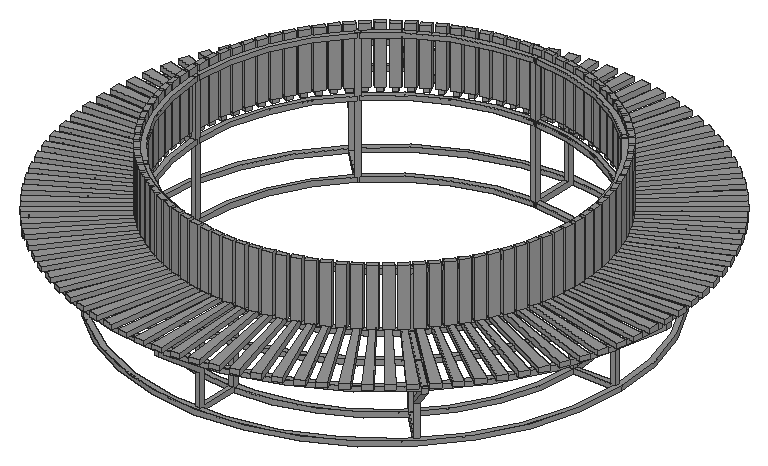
Revit family "Скамейка стальная «Диван круглый» Арт 11354", category Антураж, Revit 2018
Family settings
  На основе рабочей плоскости = Нет
  Всегда вертикально = Да
  При загрузке вырезать с полостями = Нет
  Источник визуального образа = Геометрия семейства
  Общий = Нет
  Точка расчета площади = Нет
Parameters (values of type "Версия R1000")
  Ширина = Длина  # 3050 mm
  Цвет опор = Сталь
  Цвет лавки = Дерево
  Описание = if(Версия R550, "Скамейка стальная «Диван круглый». Версия R550", if(Версия R750, "Скамейка стальная «Диван круглый». Версия R750", if(Версия R1000, "Скамейка стальная «Диван круглый». Версия R1000", "Скамейка стальная «Диван круглый». Версия «Боярд»")))  # "Скамейка стальная «Диван круглый». Версия R1000"
  Материал изделия = "Сталь, дерево"  # constant formula
  Изображение типоразмера = Скамейка стальная «Диван круглый» Арт 11354 Радиусная.jpg
  Изготовитель = "ООО «Хоббика"  # constant formula
  Длина = if(Версия R550, 2150 mm, if(Версия R750, 2550 mm, if(Версия R1000, 3050 mm, 3040 mm)))  # 3050 mm
  Группа модели = "Скамейки"  # constant formula
  Высота = 745 mm  # constant formula
  Версия «Боярд» = no
  Версия R750 = no
  Версия R550 = no
  Версия R1000 = yes
  Артикул товара = "Арт. 11354"  # constant formula
  URL = "https://hobbyka.ru/product/divan_stalnoy_kruglyy/"
Reference planes
  plane 1 "По центру (Вперед/Назад)": y = 0
  plane 2: z = 0
  plane 3 "По центру (Влево/Вправо)": x = 0
  plane 4: x = 3050
  plane 5: y = 3050
  plane 6: z = 745
Dimensions and locks
  "Длина": plane 3 "По центру (Влево/Вправо)" to plane 4
  "Ширина": plane 5 to plane 1 "По центру (Вперед/Назад)"
  "Высота": plane 6 to plane 2
  aligned and locked: level to plane 2
  aligned and locked: plane 3 "По центру (Влево/Вправо)" to nested 1
  aligned and locked: plane 1 "По центру (Вперед/Назад)" to nested 1
  aligned and locked: plane 1 "По центру (Вперед/Назад)" to nested 2
  aligned and locked: plane 3 "По центру (Влево/Вправо)" to nested 2
  aligned and locked: plane 1 "По центру (Вперед/Назад)" to nested 3
  aligned and locked: plane 3 "По центру (Влево/Вправо)" to nested 3
  aligned and locked: plane 1 "По центру (Вперед/Назад)" to nested 4
  aligned and locked: plane 3 "По центру (Влево/Вправо)" to nested 4
Nested families
  nested 1: "Скамейка стальная «Диван круглый» Арт 11354 R550" at (0, 0, 0), visible <- "Версия R550", type "Скамейка стальная «Диван круглый» Арт 11354 R550"
  nested 2: "Скамейка стальная «Диван круглый» Арт 11354 R750" at (0, 0, 0), visible <- "Версия R750", type "Скамейка стальная «Диван круглый» Арт 11354 R750"
  nested 3: "Скамейка стальная «Диван круглый» Арт 11354 R1000" at (0, 0, 0), visible <- "Версия R1000", type "Скамейка стальная «Диван круглый» Арт 11354 R1000"
  nested 4: "Скамейка стальная «Диван круглый» Арт 11354 Боярд" at (0, 0, 0), visible <- "Версия «Боярд»", type "Скамейка стальная «Диван круглый» Арт 11354 Боярд"
Definition of nested family "Скамейка стальная «Диван круглый» Арт 11354 R550"
  Parameters (values of type "Скамейка стальная «Диван круглый» Арт 11354 R550")
    Цыет лавки = none
    Цвет опор = none
    Height = 0 mm
  Reference planes
    plane 1 "По центру (Вперед/Назад)": y = 0
    plane 2: z = 0
    plane 3 "По центру (Влево/Вправо)": x = 0
    plane 4: x = 2150
    plane 5: y = 2150
    plane 6: z = 745
  Forms (mm)
    Extrusion 1, solid, material <- "Цвет опор"
      sketch origin (0, 0, 0) x (1, 0, 0) y (0, 1, 0)
        loop
          circle (1075, 1075) r 550
        loop
          circle (1075, 1075) r 575
        loop
          circle (1075, 1075) r 800
        loop
          circle (1075, 1075) r 775
      from 0 to 25
    Extrusion 2, solid, material <- "Цвет опор"
      sketch origin (0, 0, 0) x (1, 0, 0) y (0, 1, 0)
        loop
          circle (1075, 1075) r 550
        loop
          circle (1075, 1075) r 575
        loop
          circle (1075, 1075) r 800
        loop
          circle (1075, 1075) r 775
        loop
          circle (1075, 1075) r 1050
        loop
          circle (1075, 1075) r 1025
      from 390 to 415
    Extrusion 3, solid, material <- "Цвет опор"
      sketch origin (0, 0, 0) x (0, 1, 0) y (0, 0, 1)
        loop
          line (525.487, 0) -> (525.487, 415) -> (0, 415) -> (0, 390) -> (275, 195) -> (275, 0) -> (525.487, 0)
        loop
          line (275, 390) -> (43.221, 390) -> (275, 225.647) -> (275, 390)
        loop
          line (300, 25) -> (500.443, 25) -> (500.443, 390) -> (300, 390) -> (300, 25)
      from 1062.5 to 1087.5
    Extrusion 4, solid, material <- "Цвет опор"
      sketch origin (0, 2150, 0) x (0, -1, 0) y (0, 0, -1)
        loop
          line (525.487, 0) -> (275, 0) -> (275, -195) -> (0, -390) -> (0, -415) -> (525.487, -415) -> (525.487, 0)
        loop
          line (275, -390) -> (275, -225.647) -> (43.221, -390) -> (275, -390)
        loop
          line (300, -25) -> (300, -390) -> (500.443, -390) -> (500.443, -25) -> (300, -25)
      from 1062.5 to 1087.5
    Extrusion 5, solid, material <- "Цвет опор"
      sketch origin (0, 2150, 0) x (1, 0, 0) y (0, 0, 1)
        loop
          line (525.487, 0) -> (525.487, 415) -> (0, 415) -> (0, 390) -> (275, 195) -> (275, 0) -> (525.487, 0)
        loop
          line (275, 390) -> (43.221, 390) -> (275, 225.647) -> (275, 390)
        loop
          line (300, 25) -> (500.443, 25) -> (500.443, 390) -> (300, 390) -> (300, 25)
      from 1062.5 to 1087.5
    Extrusion 6, solid, material <- "Цвет опор"
      sketch origin (2150, 2150, 0) x (-1, 0, 0) y (0, 0, -1)
        loop
          line (525.487, 0) -> (275, 0) -> (275, -195) -> (0, -390) -> (0, -415) -> (525.487, -415) -> (525.487, 0)
        loop
          line (275, -390) -> (275, -225.647) -> (43.221, -390) -> (275, -390)
        loop
          line (300, -25) -> (300, -390) -> (500.443, -390) -> (500.443, -25) -> (300, -25)
      from 1062.5 to 1087.5
    Extrusion 7, solid, material <- "Цвет опор"
      sketch origin (-445.28, 1075, 0) x (0.707107, 0.707107, 0) y (0, 0, 1)
        loop
          line (525.487, 0) -> (525.487, 415) -> (0, 415) -> (0, 390) -> (275, 195) -> (275, 0) -> (525.487, 0)
        loop
          line (275, 390) -> (43.221, 390) -> (275, 225.647) -> (275, 390)
        loop
          line (300, 25) -> (500.443, 25) -> (500.443, 390) -> (300, 390) -> (300, 25)
      from 1062.5 to 1087.5
    Extrusion 8, solid, material <- "Цвет опор"
      sketch origin (1075, 2595.28, 0) x (-0.707107, -0.707107, 0) y (0, 0, -1)
        loop
          line (525.487, 0) -> (275, 0) -> (275, -195) -> (0, -390) -> (0, -415) -> (525.487, -415) -> (525.487, 0)
        loop
          line (275, -390) -> (275, -225.647) -> (43.221, -390) -> (275, -390)
        loop
          line (300, -25) -> (300, -390) -> (500.443, -390) -> (500.443, -25) -> (300, -25)
      from 1062.5 to 1087.5
    Extrusion 9, solid, material <- "Цвет опор"
      sketch origin (1075, 2595.28, 0) x (0.707107, -0.707107, 0) y (0, 0, 1)
        loop
          line (525.487, 0) -> (525.487, 415) -> (0, 415) -> (0, 390) -> (275, 195) -> (275, 0) -> (525.487, 0)
        loop
          line (275, 390) -> (43.221, 390) -> (275, 225.647) -> (275, 390)
        loop
          line (300, 25) -> (500.443, 25) -> (500.443, 390) -> (300, 390) -> (300, 25)
      from 1062.5 to 1087.5
    Extrusion 10, solid, material <- "Цвет опор"
      sketch origin (2595.28, 1075, 0) x (-0.707107, 0.707107, 0) y (0, 0, -1)
        loop
          line (525.487, 0) -> (275, 0) -> (275, -195) -> (0, -390) -> (0, -415) -> (525.487, -415) -> (525.487, 0)
        loop
          line (275, -390) -> (275, -225.647) -> (43.221, -390) -> (275, -390)
        loop
          line (300, -25) -> (300, -390) -> (500.443, -390) -> (500.443, -25) -> (300, -25)
      from 1062.5 to 1087.5
    Extrusion 11, solid, material <- "Цвет опор"
      sketch origin (0, 0, 0) x (1, 0, 0) y (0, 1, 0)
        loop
          line (1062.5, 1649.557) -> (1062.5, 1624.513) -> (1087.5, 1624.513) -> (1087.5, 1649.557) -> (1062.5, 1649.557)
        loop
          line (1087.5, 525.487) -> (1062.5, 525.487) -> (1062.5, 500.443) -> (1087.5, 500.443) -> (1087.5, 525.487)
        loop
          line (500.443, 1087.5) -> (500.443, 1062.5) -> (525.487, 1062.5) -> (525.487, 1087.5) -> (500.443, 1087.5)
        loop
          line (1649.557, 1087.5) -> (1624.513, 1087.5) -> (1624.513, 1062.5) -> (1649.557, 1062.5) -> (1649.557, 1087.5)
      from 0 to 715
    Extrusion 12, solid, material <- "Цвет опор"
      sketch origin (0, 0, 0) x (1, 0, 0) y (0, 1, 0)
        loop
          circle (1075, 1075) r 575
        loop
          circle (1075, 1075) r 550
      from 690 to 715
    Extrusion 13, solid, material <- "Цвет опор"
      sketch origin (0, 0, 0) x (1, 0, 0) y (0, 1, 0)
        loop
          circle (1075, 1075) r 575
        loop
          circle (1075, 1075) r 550
      from 450 to 475
    Extrusion 14, solid, material <- "Цыет лавки"
      sketch origin (0, 0, 0) x (1, 0, 0) y (0, 1, 0)
        loop
          line (1050, 2150) -> (1061.406, 1659.557) -> (1088.594, 1659.557) -> (1100, 2150) -> (1050, 2150)
      from 415 to 440
    Extrusion 15, solid, material <- "Цыет лавки"
      sketch origin (0, 0, 0) x (1, 0, 0) y (0, 1, 0)
        loop
          line (1050, 1674.557) -> (1050, 1649.557) -> (1100, 1649.557) -> (1100, 1674.557) -> (1050, 1674.557)
      from 440 to 745
    Extrusion 16, solid, material <- "Цыет лавки"
      sketch origin (2150, 2150, 0) x (-1, 0, 0) y (0, -1, 0)
        loop
          line (1050, 2150) -> (1061.406, 1659.557) -> (1088.594, 1659.557) -> (1100, 2150) -> (1050, 2150)
      from 415 to 440
    Extrusion 17, solid, material <- "Цыет лавки"
      sketch origin (2150, 2150, 0) x (-1, 0, 0) y (0, -1, 0)
        loop
          line (1050, 1674.557) -> (1050, 1649.557) -> (1100, 1649.557) -> (1100, 1674.557) -> (1050, 1674.557)
      from 440 to 745
    Extrusion 18, solid, material <- "Цыет лавки"
      sketch origin (97.783, -89.602, 0) x (0.996195, 0.087156, 0) y (-0.087156, 0.996195, 0)
        loop
          line (1050, 2150) -> (1061.406, 1659.557) -> (1088.594, 1659.557) -> (1100, 2150) -> (1050, 2150)
      from 415 to 440
    Extrusion 19, solid, material <- "Цыет лавки"
      sketch origin (97.783, -89.602, 0) x (0.996195, 0.087156, 0) y (-0.087156, 0.996195, 0)
        loop
          line (1050, 1674.557) -> (1050, 1649.557) -> (1100, 1649.557) -> (1100, 1674.557) -> (1050, 1674.557)
      from 440 to 745
    Extrusion 20, solid, material <- "Цыет лавки"
      sketch origin (203.003, -170.34, 0) x (0.984808, 0.173648, 0) y (-0.173648, 0.984808, 0)
        loop
          line (1050, 2150) -> (1061.406, 1659.557) -> (1088.594, 1659.557) -> (1100, 2150) -> (1050, 2150)
      from 415 to 440
    Extrusion 21, solid, material <- "Цыет лавки"
      sketch origin (203.003, -170.34, 0) x (0.984808, 0.173648, 0) y (-0.173648, 0.984808, 0)
        loop
          line (1050, 1674.557) -> (1050, 1649.557) -> (1100, 1649.557) -> (1100, 1674.557) -> (1050, 1674.557)
      from 440 to 745
    Extrusion 22, solid, material <- "Цыет лавки"
      sketch origin (314.86, -241.601, 0) x (0.965926, 0.258819, 0) y (-0.258819, 0.965926, 0)
        loop
          line (1050, 2150) -> (1061.406, 1659.557) -> (1088.594, 1659.557) -> (1100, 2150) -> (1050, 2150)
      from 415 to 440
    Extrusion 23, solid, material <- "Цыет лавки"
      sketch origin (314.86, -241.601, 0) x (0.965926, 0.258819, 0) y (-0.258819, 0.965926, 0)
        loop
          line (1050, 1674.557) -> (1050, 1649.557) -> (1100, 1649.557) -> (1100, 1674.557) -> (1050, 1674.557)
      from 440 to 745
    Extrusion 24, solid, material <- "Цыет лавки"
      sketch origin (432.502, -302.841, 0) x (0.939693, 0.34202, 0) y (-0.34202, 0.939693, 0)
        loop
          line (1050, 2150) -> (1061.406, 1659.557) -> (1088.594, 1659.557) -> (1100, 2150) -> (1050, 2150)
      from 415 to 440
    Extrusion 25, solid, material <- "Цыет лавки"
      sketch origin (432.502, -302.841, 0) x (0.939693, 0.34202, 0) y (-0.34202, 0.939693, 0)
        loop
          line (1050, 1674.557) -> (1050, 1649.557) -> (1100, 1649.557) -> (1100, 1674.557) -> (1050, 1674.557)
      from 440 to 745
    Extrusion 26, solid, material <- "Цыет лавки"
      sketch origin (555.034, -353.596, 0) x (0.906308, 0.422618, 0) y (-0.422618, 0.906308, 0)
        loop
          line (1050, 2150) -> (1061.406, 1659.557) -> (1088.594, 1659.557) -> (1100, 2150) -> (1050, 2150)
      from 415 to 440
    Extrusion 27, solid, material <- "Цыет лавки"
      sketch origin (555.034, -353.596, 0) x (0.906308, 0.422618, 0) y (-0.422618, 0.906308, 0)
        loop
          line (1050, 1674.557) -> (1050, 1649.557) -> (1100, 1649.557) -> (1100, 1674.557) -> (1050, 1674.557)
      from 440 to 745
    Extrusion 28, solid, material <- "Цыет лавки"
      sketch origin (681.523, -393.477, 0) x (0.866025, 0.5, 0) y (-0.5, 0.866025, 0)
        loop
          line (1050, 2150) -> (1061.406, 1659.557) -> (1088.594, 1659.557) -> (1100, 2150) -> (1050, 2150)
      from 415 to 440
    Extrusion 29, solid, material <- "Цыет лавки"
      sketch origin (681.523, -393.477, 0) x (0.866025, 0.5, 0) y (-0.5, 0.866025, 0)
        loop
          line (1050, 1674.557) -> (1050, 1649.557) -> (1100, 1649.557) -> (1100, 1674.557) -> (1050, 1674.557)
      from 440 to 745
    Extrusion 30, solid, material <- "Цыет лавки"
      sketch origin (811.006, -422.183, 0) x (0.819152, 0.573576, 0) y (-0.573576, 0.819152, 0)
        loop
          line (1050, 2150) -> (1061.406, 1659.557) -> (1088.594, 1659.557) -> (1100, 2150) -> (1050, 2150)
      from 415 to 440
    Extrusion 31, solid, material <- "Цыет лавки"
      sketch origin (811.006, -422.183, 0) x (0.819152, 0.573576, 0) y (-0.573576, 0.819152, 0)
        loop
          line (1050, 1674.557) -> (1050, 1649.557) -> (1100, 1649.557) -> (1100, 1674.557) -> (1050, 1674.557)
      from 440 to 745
    Extrusion 32, solid, material <- "Цыет лавки"
      sketch origin (942.499, -439.494, 0) x (0.766044, 0.642788, 0) y (-0.642788, 0.766044, 0)
        loop
          line (1050, 2150) -> (1061.406, 1659.557) -> (1088.594, 1659.557) -> (1100, 2150) -> (1050, 2150)
      from 415 to 440
    Extrusion 33, solid, material <- "Цыет лавки"
      sketch origin (942.499, -439.494, 0) x (0.766044, 0.642788, 0) y (-0.642788, 0.766044, 0)
        loop
          line (1050, 1674.557) -> (1050, 1649.557) -> (1100, 1649.557) -> (1100, 1674.557) -> (1050, 1674.557)
      from 440 to 745
    Extrusion 34, solid, material <- "Цыет лавки"
      sketch origin (1075, -445.28, 0) x (0.707107, 0.707107, 0) y (-0.707107, 0.707107, 0)
        loop
          line (1050, 2150) -> (1061.406, 1659.557) -> (1088.594, 1659.557) -> (1100, 2150) -> (1050, 2150)
      from 415 to 440
    Extrusion 35, solid, material <- "Цыет лавки"
      sketch origin (1075, -445.28, 0) x (0.707107, 0.707107, 0) y (-0.707107, 0.707107, 0)
        loop
          line (1050, 1674.557) -> (1050, 1649.557) -> (1100, 1649.557) -> (1100, 1674.557) -> (1050, 1674.557)
      from 440 to 745
    Extrusion 36, solid, material <- "Цыет лавки"
      sketch origin (1207.501, -439.494, 0) x (0.642788, 0.766044, 0) y (-0.766044, 0.642788, 0)
        loop
          line (1050, 2150) -> (1061.406, 1659.557) -> (1088.594, 1659.557) -> (1100, 2150) -> (1050, 2150)
      from 415 to 440
    Extrusion 37, solid, material <- "Цыет лавки"
      sketch origin (1207.501, -439.494, 0) x (0.642788, 0.766044, 0) y (-0.766044, 0.642788, 0)
        loop
          line (1050, 1674.557) -> (1050, 1649.557) -> (1100, 1649.557) -> (1100, 1674.557) -> (1050, 1674.557)
      from 440 to 745
    Extrusion 38, solid, material <- "Цыет лавки"
      sketch origin (1338.994, -422.183, 0) x (0.573576, 0.819152, 0) y (-0.819152, 0.573576, 0)
        loop
          line (1050, 2150) -> (1061.406, 1659.557) -> (1088.594, 1659.557) -> (1100, 2150) -> (1050, 2150)
      from 415 to 440
    Extrusion 39, solid, material <- "Цыет лавки"
      sketch origin (1338.994, -422.183, 0) x (0.573576, 0.819152, 0) y (-0.819152, 0.573576, 0)
        loop
          line (1050, 1674.557) -> (1050, 1649.557) -> (1100, 1649.557) -> (1100, 1674.557) -> (1050, 1674.557)
      from 440 to 745
    Extrusion 40, solid, material <- "Цыет лавки"
      sketch origin (1468.477, -393.477, 0) x (0.5, 0.866025, 0) y (-0.866025, 0.5, 0)
        loop
          line (1050, 2150) -> (1061.406, 1659.557) -> (1088.594, 1659.557) -> (1100, 2150) -> (1050, 2150)
      from 415 to 440
    Extrusion 41, solid, material <- "Цыет лавки"
      sketch origin (1468.477, -393.477, 0) x (0.5, 0.866025, 0) y (-0.866025, 0.5, 0)
        loop
          line (1050, 1674.557) -> (1050, 1649.557) -> (1100, 1649.557) -> (1100, 1674.557) -> (1050, 1674.557)
      from 440 to 745
    Extrusion 42, solid, material <- "Цыет лавки"
      sketch origin (1594.966, -353.596, 0) x (0.422618, 0.906308, 0) y (-0.906308, 0.422618, 0)
        loop
          line (1050, 2150) -> (1061.406, 1659.557) -> (1088.594, 1659.557) -> (1100, 2150) -> (1050, 2150)
      from 415 to 440
    Extrusion 43, solid, material <- "Цыет лавки"
      sketch origin (1594.966, -353.596, 0) x (0.422618, 0.906308, 0) y (-0.906308, 0.422618, 0)
        loop
          line (1050, 1674.557) -> (1050, 1649.557) -> (1100, 1649.557) -> (1100, 1674.557) -> (1050, 1674.557)
      from 440 to 745
    Extrusion 44, solid, material <- "Цыет лавки"
      sketch origin (1717.498, -302.841, 0) x (0.34202, 0.939693, 0) y (-0.939693, 0.34202, 0)
        loop
          line (1050, 2150) -> (1061.406, 1659.557) -> (1088.594, 1659.557) -> (1100, 2150) -> (1050, 2150)
      from 415 to 440
    Extrusion 45, solid, material <- "Цыет лавки"
      sketch origin (1717.498, -302.841, 0) x (0.34202, 0.939693, 0) y (-0.939693, 0.34202, 0)
        loop
          line (1050, 1674.557) -> (1050, 1649.557) -> (1100, 1649.557) -> (1100, 1674.557) -> (1050, 1674.557)
      from 440 to 745
    Extrusion 46, solid, material <- "Цыет лавки"
      sketch origin (1835.14, -241.601, 0) x (0.258819, 0.965926, 0) y (-0.965926, 0.258819, 0)
        loop
          line (1050, 2150) -> (1061.406, 1659.557) -> (1088.594, 1659.557) -> (1100, 2150) -> (1050, 2150)
      from 415 to 440
    Extrusion 47, solid, material <- "Цыет лавки"
      sketch origin (1835.14, -241.601, 0) x (0.258819, 0.965926, 0) y (-0.965926, 0.258819, 0)
        loop
          line (1050, 1674.557) -> (1050, 1649.557) -> (1100, 1649.557) -> (1100, 1674.557) -> (1050, 1674.557)
      from 440 to 745
    Extrusion 48, solid, material <- "Цыет лавки"
      sketch origin (1946.997, -170.34, 0) x (0.173648, 0.984808, 0) y (-0.984808, 0.173648, 0)
        loop
          line (1050, 2150) -> (1061.406, 1659.557) -> (1088.594, 1659.557) -> (1100, 2150) -> (1050, 2150)
      from 415 to 440
    Extrusion 49, solid, material <- "Цыет лавки"
      sketch origin (1946.997, -170.34, 0) x (0.173648, 0.984808, 0) y (-0.984808, 0.173648, 0)
        loop
          line (1050, 1674.557) -> (1050, 1649.557) -> (1100, 1649.557) -> (1100, 1674.557) -> (1050, 1674.557)
      from 440 to 745
    Extrusion 50, solid, material <- "Цыет лавки"
      sketch origin (2052.217, -89.602, 0) x (0.087156, 0.996195, 0) y (-0.996195, 0.087156, 0)
        loop
          line (1050, 2150) -> (1061.406, 1659.557) -> (1088.594, 1659.557) -> (1100, 2150) -> (1050, 2150)
      from 415 to 440
    Extrusion 51, solid, material <- "Цыет лавки"
      sketch origin (2052.217, -89.602, 0) x (0.087156, 0.996195, 0) y (-0.996195, 0.087156, 0)
        loop
          line (1050, 1674.557) -> (1050, 1649.557) -> (1100, 1649.557) -> (1100, 1674.557) -> (1050, 1674.557)
      from 440 to 745
    Extrusion 52, solid, material <- "Цыет лавки"
      sketch origin (2150, 0, 0) x (0, 1, 0) y (-1, 0, 0)
        loop
          line (1050, 2150) -> (1061.406, 1659.557) -> (1088.594, 1659.557) -> (1100, 2150) -> (1050, 2150)
      from 415 to 440
    Extrusion 53, solid, material <- "Цыет лавки"
      sketch origin (2150, 0, 0) x (0, 1, 0) y (-1, 0, 0)
        loop
          line (1050, 1674.557) -> (1050, 1649.557) -> (1100, 1649.557) -> (1100, 1674.557) -> (1050, 1674.557)
      from 440 to 745
    Extrusion 54, solid, material <- "Цыет лавки"
      sketch origin (2239.602, 97.783, 0) x (-0.087156, 0.996195, 0) y (-0.996195, -0.087156, 0)
        loop
          line (1050, 2150) -> (1061.406, 1659.557) -> (1088.594, 1659.557) -> (1100, 2150) -> (1050, 2150)
      from 415 to 440
    Extrusion 55, solid, material <- "Цыет лавки"
      sketch origin (2239.602, 97.783, 0) x (-0.087156, 0.996195, 0) y (-0.996195, -0.087156, 0)
        loop
          line (1050, 1674.557) -> (1050, 1649.557) -> (1100, 1649.557) -> (1100, 1674.557) -> (1050, 1674.557)
      from 440 to 745
    Extrusion 56, solid, material <- "Цыет лавки"
      sketch origin (2320.34, 203.003, 0) x (-0.173648, 0.984808, 0) y (-0.984808, -0.173648, 0)
        loop
          line (1050, 2150) -> (1061.406, 1659.557) -> (1088.594, 1659.557) -> (1100, 2150) -> (1050, 2150)
      from 415 to 440
    Extrusion 57, solid, material <- "Цыет лавки"
      sketch origin (2320.34, 203.003, 0) x (-0.173648, 0.984808, 0) y (-0.984808, -0.173648, 0)
        loop
          line (1050, 1674.557) -> (1050, 1649.557) -> (1100, 1649.557) -> (1100, 1674.557) -> (1050, 1674.557)
      from 440 to 745
    Extrusion 58, solid, material <- "Цыет лавки"
      sketch origin (2391.601, 314.86, 0) x (-0.258819, 0.965926, 0) y (-0.965926, -0.258819, 0)
        loop
          line (1050, 2150) -> (1061.406, 1659.557) -> (1088.594, 1659.557) -> (1100, 2150) -> (1050, 2150)
      from 415 to 440
    Extrusion 59, solid, material <- "Цыет лавки"
      sketch origin (2391.601, 314.86, 0) x (-0.258819, 0.965926, 0) y (-0.965926, -0.258819, 0)
        loop
          line (1050, 1674.557) -> (1050, 1649.557) -> (1100, 1649.557) -> (1100, 1674.557) -> (1050, 1674.557)
      from 440 to 745
    Extrusion 60, solid, material <- "Цыет лавки"
      sketch origin (2452.841, 432.502, 0) x (-0.34202, 0.939693, 0) y (-0.939693, -0.34202, 0)
        loop
          line (1050, 2150) -> (1061.406, 1659.557) -> (1088.594, 1659.557) -> (1100, 2150) -> (1050, 2150)
      from 415 to 440
    Extrusion 61, solid, material <- "Цыет лавки"
      sketch origin (2452.841, 432.502, 0) x (-0.34202, 0.939693, 0) y (-0.939693, -0.34202, 0)
        loop
          line (1050, 1674.557) -> (1050, 1649.557) -> (1100, 1649.557) -> (1100, 1674.557) -> (1050, 1674.557)
      from 440 to 745
    Extrusion 62, solid, material <- "Цыет лавки"
      sketch origin (2503.596, 555.034, 0) x (-0.422618, 0.906308, 0) y (-0.906308, -0.422618, 0)
        loop
          line (1050, 2150) -> (1061.406, 1659.557) -> (1088.594, 1659.557) -> (1100, 2150) -> (1050, 2150)
      from 415 to 440
    Extrusion 63, solid, material <- "Цыет лавки"
      sketch origin (2503.596, 555.034, 0) x (-0.422618, 0.906308, 0) y (-0.906308, -0.422618, 0)
        loop
          line (1050, 1674.557) -> (1050, 1649.557) -> (1100, 1649.557) -> (1100, 1674.557) -> (1050, 1674.557)
      from 440 to 745
    Extrusion 64, solid, material <- "Цыет лавки"
      sketch origin (2543.477, 681.523, 0) x (-0.5, 0.866025, 0) y (-0.866025, -0.5, 0)
        loop
          line (1050, 2150) -> (1061.406, 1659.557) -> (1088.594, 1659.557) -> (1100, 2150) -> (1050, 2150)
      from 415 to 440
    Extrusion 65, solid, material <- "Цыет лавки"
      sketch origin (2543.477, 681.523, 0) x (-0.5, 0.866025, 0) y (-0.866025, -0.5, 0)
        loop
          line (1050, 1674.557) -> (1050, 1649.557) -> (1100, 1649.557) -> (1100, 1674.557) -> (1050, 1674.557)
      from 440 to 745
    Extrusion 66, solid, material <- "Цыет лавки"
      sketch origin (2572.183, 811.006, 0) x (-0.573576, 0.819152, 0) y (-0.819152, -0.573576, 0)
        loop
          line (1050, 2150) -> (1061.406, 1659.557) -> (1088.594, 1659.557) -> (1100, 2150) -> (1050, 2150)
      from 415 to 440
    Extrusion 67, solid, material <- "Цыет лавки"
      sketch origin (2572.183, 811.006, 0) x (-0.573576, 0.819152, 0) y (-0.819152, -0.573576, 0)
        loop
          line (1050, 1674.557) -> (1050, 1649.557) -> (1100, 1649.557) -> (1100, 1674.557) -> (1050, 1674.557)
      from 440 to 745
    Extrusion 68, solid, material <- "Цыет лавки"
      sketch origin (2589.494, 942.499, 0) x (-0.642788, 0.766044, 0) y (-0.766044, -0.642788, 0)
        loop
          line (1050, 2150) -> (1061.406, 1659.557) -> (1088.594, 1659.557) -> (1100, 2150) -> (1050, 2150)
      from 415 to 440
    Extrusion 69, solid, material <- "Цыет лавки"
      sketch origin (2589.494, 942.499, 0) x (-0.642788, 0.766044, 0) y (-0.766044, -0.642788, 0)
        loop
          line (1050, 1674.557) -> (1050, 1649.557) -> (1100, 1649.557) -> (1100, 1674.557) -> (1050, 1674.557)
      from 440 to 745
    Extrusion 70, solid, material <- "Цыет лавки"
      sketch origin (2595.28, 1075, 0) x (-0.707107, 0.707107, 0) y (-0.707107, -0.707107, 0)
        loop
          line (1050, 2150) -> (1061.406, 1659.557) -> (1088.594, 1659.557) -> (1100, 2150) -> (1050, 2150)
      from 415 to 440
    Extrusion 71, solid, material <- "Цыет лавки"
      sketch origin (2595.28, 1075, 0) x (-0.707107, 0.707107, 0) y (-0.707107, -0.707107, 0)
        loop
          line (1050, 1674.557) -> (1050, 1649.557) -> (1100, 1649.557) -> (1100, 1674.557) -> (1050, 1674.557)
      from 440 to 745
    Extrusion 72, solid, material <- "Цыет лавки"
      sketch origin (2589.494, 1207.501, 0) x (-0.766044, 0.642788, 0) y (-0.642788, -0.766044, 0)
        loop
          line (1050, 2150) -> (1061.406, 1659.557) -> (1088.594, 1659.557) -> (1100, 2150) -> (1050, 2150)
      from 415 to 440
    Extrusion 73, solid, material <- "Цыет лавки"
      sketch origin (2589.494, 1207.501, 0) x (-0.766044, 0.642788, 0) y (-0.642788, -0.766044, 0)
        loop
          line (1050, 1674.557) -> (1050, 1649.557) -> (1100, 1649.557) -> (1100, 1674.557) -> (1050, 1674.557)
      from 440 to 745
    Extrusion 74, solid, material <- "Цыет лавки"
      sketch origin (2572.183, 1338.994, 0) x (-0.819152, 0.573576, 0) y (-0.573576, -0.819152, 0)
        loop
          line (1050, 2150) -> (1061.406, 1659.557) -> (1088.594, 1659.557) -> (1100, 2150) -> (1050, 2150)
      from 415 to 440
    Extrusion 75, solid, material <- "Цыет лавки"
      sketch origin (2572.183, 1338.994, 0) x (-0.819152, 0.573576, 0) y (-0.573576, -0.819152, 0)
        loop
          line (1050, 1674.557) -> (1050, 1649.557) -> (1100, 1649.557) -> (1100, 1674.557) -> (1050, 1674.557)
      from 440 to 745
    Extrusion 76, solid, material <- "Цыет лавки"
      sketch origin (2543.477, 1468.477, 0) x (-0.866025, 0.5, 0) y (-0.5, -0.866025, 0)
        loop
          line (1050, 2150) -> (1061.406, 1659.557) -> (1088.594, 1659.557) -> (1100, 2150) -> (1050, 2150)
      from 415 to 440
    Extrusion 77, solid, material <- "Цыет лавки"
      sketch origin (2543.477, 1468.477, 0) x (-0.866025, 0.5, 0) y (-0.5, -0.866025, 0)
        loop
          line (1050, 1674.557) -> (1050, 1649.557) -> (1100, 1649.557) -> (1100, 1674.557) -> (1050, 1674.557)
      from 440 to 745
    Extrusion 78, solid, material <- "Цыет лавки"
      sketch origin (2503.596, 1594.966, 0) x (-0.906308, 0.422618, 0) y (-0.422618, -0.906308, 0)
        loop
          line (1050, 2150) -> (1061.406, 1659.557) -> (1088.594, 1659.557) -> (1100, 2150) -> (1050, 2150)
      from 415 to 440
    Extrusion 79, solid, material <- "Цыет лавки"
      sketch origin (2503.596, 1594.966, 0) x (-0.906308, 0.422618, 0) y (-0.422618, -0.906308, 0)
        loop
          line (1050, 1674.557) -> (1050, 1649.557) -> (1100, 1649.557) -> (1100, 1674.557) -> (1050, 1674.557)
      from 440 to 745
    Extrusion 80, solid, material <- "Цыет лавки"
      sketch origin (2452.841, 1717.498, 0) x (-0.939693, 0.34202, 0) y (-0.34202, -0.939693, 0)
        loop
          line (1050, 2150) -> (1061.406, 1659.557) -> (1088.594, 1659.557) -> (1100, 2150) -> (1050, 2150)
      from 415 to 440
    Extrusion 81, solid, material <- "Цыет лавки"
      sketch origin (2452.841, 1717.498, 0) x (-0.939693, 0.34202, 0) y (-0.34202, -0.939693, 0)
        loop
          line (1050, 1674.557) -> (1050, 1649.557) -> (1100, 1649.557) -> (1100, 1674.557) -> (1050, 1674.557)
      from 440 to 745
    Extrusion 82, solid, material <- "Цыет лавки"
      sketch origin (2391.601, 1835.14, 0) x (-0.965926, 0.258819, 0) y (-0.258819, -0.965926, 0)
        loop
          line (1050, 2150) -> (1061.406, 1659.557) -> (1088.594, 1659.557) -> (1100, 2150) -> (1050, 2150)
      from 415 to 440
    Extrusion 83, solid, material <- "Цыет лавки"
      sketch origin (2391.601, 1835.14, 0) x (-0.965926, 0.258819, 0) y (-0.258819, -0.965926, 0)
        loop
          line (1050, 1674.557) -> (1050, 1649.557) -> (1100, 1649.557) -> (1100, 1674.557) -> (1050, 1674.557)
      from 440 to 745
    Extrusion 84, solid, material <- "Цыет лавки"
      sketch origin (2320.34, 1946.997, 0) x (-0.984808, 0.173648, 0) y (-0.173648, -0.984808, 0)
        loop
          line (1050, 2150) -> (1061.406, 1659.557) -> (1088.594, 1659.557) -> (1100, 2150) -> (1050, 2150)
      from 415 to 440
    Extrusion 85, solid, material <- "Цыет лавки"
      sketch origin (2320.34, 1946.997, 0) x (-0.984808, 0.173648, 0) y (-0.173648, -0.984808, 0)
        loop
          line (1050, 1674.557) -> (1050, 1649.557) -> (1100, 1649.557) -> (1100, 1674.557) -> (1050, 1674.557)
      from 440 to 745
    Extrusion 86, solid, material <- "Цыет лавки"
      sketch origin (2239.602, 2052.217, 0) x (-0.996195, 0.087156, 0) y (-0.087156, -0.996195, 0)
        loop
          line (1050, 2150) -> (1061.406, 1659.557) -> (1088.594, 1659.557) -> (1100, 2150) -> (1050, 2150)
      from 415 to 440
    Extrusion 87, solid, material <- "Цыет лавки"
      sketch origin (2239.602, 2052.217, 0) x (-0.996195, 0.087156, 0) y (-0.087156, -0.996195, 0)
        loop
          line (1050, 1674.557) -> (1050, 1649.557) -> (1100, 1649.557) -> (1100, 1674.557) -> (1050, 1674.557)
      from 440 to 745
    Extrusion 88, solid, material <- "Цыет лавки"
      sketch origin (2052.217, -89.602, 0) x (-0.996195, 0.087156, 0) y (-0.087156, -0.996195, 0)
        loop
          line (1050, -2150) -> (1100, -2150) -> (1088.594, -1659.557) -> (1061.406, -1659.557) -> (1050, -2150)
      from 415 to 440
    Extrusion 89, solid, material <- "Цыет лавки"
      sketch origin (2052.217, -89.602, 0) x (-0.996195, 0.087156, 0) y (-0.087156, -0.996195, 0)
        loop
          line (1050, -1674.557) -> (1100, -1674.557) -> (1100, -1649.557) -> (1050, -1649.557) -> (1050, -1674.557)
      from 440 to 745
    Extrusion 90, solid, material <- "Цыет лавки"
      sketch origin (1946.997, -170.34, 0) x (-0.984808, 0.173648, 0) y (-0.173648, -0.984808, 0)
        loop
          line (1050, -2150) -> (1100, -2150) -> (1088.594, -1659.557) -> (1061.406, -1659.557) -> (1050, -2150)
      from 415 to 440
    Extrusion 91, solid, material <- "Цыет лавки"
      sketch origin (1946.997, -170.34, 0) x (-0.984808, 0.173648, 0) y (-0.173648, -0.984808, 0)
        loop
          line (1050, -1674.557) -> (1100, -1674.557) -> (1100, -1649.557) -> (1050, -1649.557) -> (1050, -1674.557)
      from 440 to 745
    Extrusion 92, solid, material <- "Цыет лавки"
      sketch origin (1835.14, -241.601, 0) x (-0.965926, 0.258819, 0) y (-0.258819, -0.965926, 0)
        loop
          line (1050, -2150) -> (1100, -2150) -> (1088.594, -1659.557) -> (1061.406, -1659.557) -> (1050, -2150)
      from 415 to 440
    Extrusion 93, solid, material <- "Цыет лавки"
      sketch origin (1835.14, -241.601, 0) x (-0.965926, 0.258819, 0) y (-0.258819, -0.965926, 0)
        loop
          line (1050, -1674.557) -> (1100, -1674.557) -> (1100, -1649.557) -> (1050, -1649.557) -> (1050, -1674.557)
      from 440 to 745
    Extrusion 94, solid, material <- "Цыет лавки"
      sketch origin (1717.498, -302.841, 0) x (-0.939693, 0.34202, 0) y (-0.34202, -0.939693, 0)
        loop
          line (1050, -2150) -> (1100, -2150) -> (1088.594, -1659.557) -> (1061.406, -1659.557) -> (1050, -2150)
      from 415 to 440
    Extrusion 95, solid, material <- "Цыет лавки"
      sketch origin (1717.498, -302.841, 0) x (-0.939693, 0.34202, 0) y (-0.34202, -0.939693, 0)
        loop
          line (1050, -1674.557) -> (1100, -1674.557) -> (1100, -1649.557) -> (1050, -1649.557) -> (1050, -1674.557)
      from 440 to 745
    Extrusion 96, solid, material <- "Цыет лавки"
      sketch origin (1594.966, -353.596, 0) x (-0.906308, 0.422618, 0) y (-0.422618, -0.906308, 0)
        loop
          line (1050, -2150) -> (1100, -2150) -> (1088.594, -1659.557) -> (1061.406, -1659.557) -> (1050, -2150)
      from 415 to 440
    Extrusion 97, solid, material <- "Цыет лавки"
      sketch origin (1594.966, -353.596, 0) x (-0.906308, 0.422618, 0) y (-0.422618, -0.906308, 0)
        loop
          line (1050, -1674.557) -> (1100, -1674.557) -> (1100, -1649.557) -> (1050, -1649.557) -> (1050, -1674.557)
      from 440 to 745
    Extrusion 98, solid, material <- "Цыет лавки"
      sketch origin (1468.477, -393.477, 0) x (-0.866025, 0.5, 0) y (-0.5, -0.866025, 0)
        loop
          line (1050, -2150) -> (1100, -2150) -> (1088.594, -1659.557) -> (1061.406, -1659.557) -> (1050, -2150)
      from 415 to 440
    Extrusion 99, solid, material <- "Цыет лавки"
      sketch origin (1468.477, -393.477, 0) x (-0.866025, 0.5, 0) y (-0.5, -0.866025, 0)
        loop
          line (1050, -1674.557) -> (1100, -1674.557) -> (1100, -1649.557) -> (1050, -1649.557) -> (1050, -1674.557)
      from 440 to 745
    Extrusion 100, solid, material <- "Цыет лавки"
      sketch origin (1338.994, -422.183, 0) x (-0.819152, 0.573576, 0) y (-0.573576, -0.819152, 0)
        loop
          line (1050, -2150) -> (1100, -2150) -> (1088.594, -1659.557) -> (1061.406, -1659.557) -> (1050, -2150)
      from 415 to 440
    Extrusion 101, solid, material <- "Цыет лавки"
      sketch origin (1338.994, -422.183, 0) x (-0.819152, 0.573576, 0) y (-0.573576, -0.819152, 0)
        loop
          line (1050, -1674.557) -> (1100, -1674.557) -> (1100, -1649.557) -> (1050, -1649.557) -> (1050, -1674.557)
      from 440 to 745
    Extrusion 102, solid, material <- "Цыет лавки"
      sketch origin (1207.501, -439.494, 0) x (-0.766044, 0.642788, 0) y (-0.642788, -0.766044, 0)
        loop
          line (1050, -2150) -> (1100, -2150) -> (1088.594, -1659.557) -> (1061.406, -1659.557) -> (1050, -2150)
      from 415 to 440
    Extrusion 103, solid, material <- "Цыет лавки"
      sketch origin (1207.501, -439.494, 0) x (-0.766044, 0.642788, 0) y (-0.642788, -0.766044, 0)
        loop
          line (1050, -1674.557) -> (1100, -1674.557) -> (1100, -1649.557) -> (1050, -1649.557) -> (1050, -1674.557)
      from 440 to 745
    Extrusion 104, solid, material <- "Цыет лавки"
      sketch origin (1075, -445.28, 0) x (-0.707107, 0.707107, 0) y (-0.707107, -0.707107, 0)
        loop
          line (1050, -2150) -> (1100, -2150) -> (1088.594, -1659.557) -> (1061.406, -1659.557) -> (1050, -2150)
      from 415 to 440
    Extrusion 105, solid, material <- "Цыет лавки"
      sketch origin (1075, -445.28, 0) x (-0.707107, 0.707107, 0) y (-0.707107, -0.707107, 0)
        loop
          line (1050, -1674.557) -> (1100, -1674.557) -> (1100, -1649.557) -> (1050, -1649.557) -> (1050, -1674.557)
      from 440 to 745
    Extrusion 106, solid, material <- "Цыет лавки"
      sketch origin (942.499, -439.494, 0) x (-0.642788, 0.766044, 0) y (-0.766044, -0.642788, 0)
        loop
          line (1050, -2150) -> (1100, -2150) -> (1088.594, -1659.557) -> (1061.406, -1659.557) -> (1050, -2150)
      from 415 to 440
    Extrusion 107, solid, material <- "Цыет лавки"
      sketch origin (942.499, -439.494, 0) x (-0.642788, 0.766044, 0) y (-0.766044, -0.642788, 0)
        loop
          line (1050, -1674.557) -> (1100, -1674.557) -> (1100, -1649.557) -> (1050, -1649.557) -> (1050, -1674.557)
      from 440 to 745
    Extrusion 108, solid, material <- "Цыет лавки"
      sketch origin (811.006, -422.183, 0) x (-0.573576, 0.819152, 0) y (-0.819152, -0.573576, 0)
        loop
          line (1050, -2150) -> (1100, -2150) -> (1088.594, -1659.557) -> (1061.406, -1659.557) -> (1050, -2150)
      from 415 to 440
    Extrusion 109, solid, material <- "Цыет лавки"
      sketch origin (811.006, -422.183, 0) x (-0.573576, 0.819152, 0) y (-0.819152, -0.573576, 0)
        loop
          line (1050, -1674.557) -> (1100, -1674.557) -> (1100, -1649.557) -> (1050, -1649.557) -> (1050, -1674.557)
      from 440 to 745
    Extrusion 110, solid, material <- "Цыет лавки"
      sketch origin (681.523, -393.477, 0) x (-0.5, 0.866025, 0) y (-0.866025, -0.5, 0)
        loop
          line (1050, -2150) -> (1100, -2150) -> (1088.594, -1659.557) -> (1061.406, -1659.557) -> (1050, -2150)
      from 415 to 440
    Extrusion 111, solid, material <- "Цыет лавки"
      sketch origin (681.523, -393.477, 0) x (-0.5, 0.866025, 0) y (-0.866025, -0.5, 0)
        loop
          line (1050, -1674.557) -> (1100, -1674.557) -> (1100, -1649.557) -> (1050, -1649.557) -> (1050, -1674.557)
      from 440 to 745
    Extrusion 112, solid, material <- "Цыет лавки"
      sketch origin (555.034, -353.596, 0) x (-0.422618, 0.906308, 0) y (-0.906308, -0.422618, 0)
        loop
          line (1050, -2150) -> (1100, -2150) -> (1088.594, -1659.557) -> (1061.406, -1659.557) -> (1050, -2150)
      from 415 to 440
    Extrusion 113, solid, material <- "Цыет лавки"
      sketch origin (555.034, -353.596, 0) x (-0.422618, 0.906308, 0) y (-0.906308, -0.422618, 0)
        loop
          line (1050, -1674.557) -> (1100, -1674.557) -> (1100, -1649.557) -> (1050, -1649.557) -> (1050, -1674.557)
      from 440 to 745
    Extrusion 114, solid, material <- "Цыет лавки"
      sketch origin (432.502, -302.841, 0) x (-0.34202, 0.939693, 0) y (-0.939693, -0.34202, 0)
        loop
          line (1050, -2150) -> (1100, -2150) -> (1088.594, -1659.557) -> (1061.406, -1659.557) -> (1050, -2150)
      from 415 to 440
    Extrusion 115, solid, material <- "Цыет лавки"
      sketch origin (432.502, -302.841, 0) x (-0.34202, 0.939693, 0) y (-0.939693, -0.34202, 0)
        loop
          line (1050, -1674.557) -> (1100, -1674.557) -> (1100, -1649.557) -> (1050, -1649.557) -> (1050, -1674.557)
      from 440 to 745
    Extrusion 116, solid, material <- "Цыет лавки"
      sketch origin (314.86, -241.601, 0) x (-0.258819, 0.965926, 0) y (-0.965926, -0.258819, 0)
        loop
          line (1050, -2150) -> (1100, -2150) -> (1088.594, -1659.557) -> (1061.406, -1659.557) -> (1050, -2150)
      from 415 to 440
    Extrusion 117, solid, material <- "Цыет лавки"
      sketch origin (314.86, -241.601, 0) x (-0.258819, 0.965926, 0) y (-0.965926, -0.258819, 0)
        loop
          line (1050, -1674.557) -> (1100, -1674.557) -> (1100, -1649.557) -> (1050, -1649.557) -> (1050, -1674.557)
      from 440 to 745
    Extrusion 118, solid, material <- "Цыет лавки"
      sketch origin (203.003, -170.34, 0) x (-0.173648, 0.984808, 0) y (-0.984808, -0.173648, 0)
        loop
          line (1050, -2150) -> (1100, -2150) -> (1088.594, -1659.557) -> (1061.406, -1659.557) -> (1050, -2150)
      from 415 to 440
    Extrusion 119, solid, material <- "Цыет лавки"
      sketch origin (203.003, -170.34, 0) x (-0.173648, 0.984808, 0) y (-0.984808, -0.173648, 0)
        loop
          line (1050, -1674.557) -> (1100, -1674.557) -> (1100, -1649.557) -> (1050, -1649.557) -> (1050, -1674.557)
      from 440 to 745
    Extrusion 120, solid, material <- "Цыет лавки"
      sketch origin (97.783, -89.602, 0) x (-0.087156, 0.996195, 0) y (-0.996195, -0.087156, 0)
        loop
          line (1050, -2150) -> (1100, -2150) -> (1088.594, -1659.557) -> (1061.406, -1659.557) -> (1050, -2150)
      from 415 to 440
    Extrusion 121, solid, material <- "Цыет лавки"
      sketch origin (97.783, -89.602, 0) x (-0.087156, 0.996195, 0) y (-0.996195, -0.087156, 0)
        loop
          line (1050, -1674.557) -> (1100, -1674.557) -> (1100, -1649.557) -> (1050, -1649.557) -> (1050, -1674.557)
      from 440 to 745
    Extrusion 122, solid, material <- "Цыет лавки"
      sketch origin (0, 0, 0) x (0, 1, 0) y (-1, 0, 0)
        loop
          line (1050, -2150) -> (1100, -2150) -> (1088.594, -1659.557) -> (1061.406, -1659.557) -> (1050, -2150)
      from 415 to 440
    Extrusion 123, solid, material <- "Цыет лавки"
      sketch origin (0, 0, 0) x (0, 1, 0) y (-1, 0, 0)
        loop
          line (1050, -1674.557) -> (1100, -1674.557) -> (1100, -1649.557) -> (1050, -1649.557) -> (1050, -1674.557)
      from 440 to 745
    Extrusion 124, solid, material <- "Цыет лавки"
      sketch origin (-89.602, 97.783, 0) x (0.087156, 0.996195, 0) y (-0.996195, 0.087156, 0)
        loop
          line (1050, -2150) -> (1100, -2150) -> (1088.594, -1659.557) -> (1061.406, -1659.557) -> (1050, -2150)
      from 415 to 440
    Extrusion 125, solid, material <- "Цыет лавки"
      sketch origin (-89.602, 97.783, 0) x (0.087156, 0.996195, 0) y (-0.996195, 0.087156, 0)
        loop
          line (1050, -1674.557) -> (1100, -1674.557) -> (1100, -1649.557) -> (1050, -1649.557) -> (1050, -1674.557)
      from 440 to 745
    Extrusion 126, solid, material <- "Цыет лавки"
      sketch origin (-170.34, 203.003, 0) x (0.173648, 0.984808, 0) y (-0.984808, 0.173648, 0)
        loop
          line (1050, -2150) -> (1100, -2150) -> (1088.594, -1659.557) -> (1061.406, -1659.557) -> (1050, -2150)
      from 415 to 440
    Extrusion 127, solid, material <- "Цыет лавки"
      sketch origin (-170.34, 203.003, 0) x (0.173648, 0.984808, 0) y (-0.984808, 0.173648, 0)
        loop
          line (1050, -1674.557) -> (1100, -1674.557) -> (1100, -1649.557) -> (1050, -1649.557) -> (1050, -1674.557)
      from 440 to 745
    Extrusion 128, solid, material <- "Цыет лавки"
      sketch origin (-241.601, 314.86, 0) x (0.258819, 0.965926, 0) y (-0.965926, 0.258819, 0)
        loop
          line (1050, -2150) -> (1100, -2150) -> (1088.594, -1659.557) -> (1061.406, -1659.557) -> (1050, -2150)
      from 415 to 440
    Extrusion 129, solid, material <- "Цыет лавки"
      sketch origin (-241.601, 314.86, 0) x (0.258819, 0.965926, 0) y (-0.965926, 0.258819, 0)
        loop
          line (1050, -1674.557) -> (1100, -1674.557) -> (1100, -1649.557) -> (1050, -1649.557) -> (1050, -1674.557)
      from 440 to 745
    Extrusion 130, solid, material <- "Цыет лавки"
      sketch origin (-302.841, 432.502, 0) x (0.34202, 0.939693, 0) y (-0.939693, 0.34202, 0)
        loop
          line (1050, -2150) -> (1100, -2150) -> (1088.594, -1659.557) -> (1061.406, -1659.557) -> (1050, -2150)
      from 415 to 440
    Extrusion 131, solid, material <- "Цыет лавки"
      sketch origin (-302.841, 432.502, 0) x (0.34202, 0.939693, 0) y (-0.939693, 0.34202, 0)
        loop
          line (1050, -1674.557) -> (1100, -1674.557) -> (1100, -1649.557) -> (1050, -1649.557) -> (1050, -1674.557)
      from 440 to 745
    Extrusion 132, solid, material <- "Цыет лавки"
      sketch origin (-353.596, 555.034, 0) x (0.422618, 0.906308, 0) y (-0.906308, 0.422618, 0)
        loop
          line (1050, -2150) -> (1100, -2150) -> (1088.594, -1659.557) -> (1061.406, -1659.557) -> (1050, -2150)
      from 415 to 440
    Extrusion 133, solid, material <- "Цыет лавки"
      sketch origin (-353.596, 555.034, 0) x (0.422618, 0.906308, 0) y (-0.906308, 0.422618, 0)
        loop
          line (1050, -1674.557) -> (1100, -1674.557) -> (1100, -1649.557) -> (1050, -1649.557) -> (1050, -1674.557)
      from 440 to 745
    Extrusion 134, solid, material <- "Цыет лавки"
      sketch origin (-393.477, 681.523, 0) x (0.5, 0.866025, 0) y (-0.866025, 0.5, 0)
        loop
          line (1050, -2150) -> (1100, -2150) -> (1088.594, -1659.557) -> (1061.406, -1659.557) -> (1050, -2150)
      from 415 to 440
    Extrusion 135, solid, material <- "Цыет лавки"
      sketch origin (-393.477, 681.523, 0) x (0.5, 0.866025, 0) y (-0.866025, 0.5, 0)
        loop
          line (1050, -1674.557) -> (1100, -1674.557) -> (1100, -1649.557) -> (1050, -1649.557) -> (1050, -1674.557)
      from 440 to 745
    Extrusion 136, solid, material <- "Цыет лавки"
      sketch origin (-422.183, 811.006, 0) x (0.573576, 0.819152, 0) y (-0.819152, 0.573576, 0)
        loop
          line (1050, -2150) -> (1100, -2150) -> (1088.594, -1659.557) -> (1061.406, -1659.557) -> (1050, -2150)
      from 415 to 440
    Extrusion 137, solid, material <- "Цыет лавки"
      sketch origin (-422.183, 811.006, 0) x (0.573576, 0.819152, 0) y (-0.819152, 0.573576, 0)
        loop
          line (1050, -1674.557) -> (1100, -1674.557) -> (1100, -1649.557) -> (1050, -1649.557) -> (1050, -1674.557)
      from 440 to 745
    Extrusion 138, solid, material <- "Цыет лавки"
      sketch origin (-439.494, 942.499, 0) x (0.642788, 0.766044, 0) y (-0.766044, 0.642788, 0)
        loop
          line (1050, -2150) -> (1100, -2150) -> (1088.594, -1659.557) -> (1061.406, -1659.557) -> (1050, -2150)
      from 415 to 440
    Extrusion 139, solid, material <- "Цыет лавки"
      sketch origin (-439.494, 942.499, 0) x (0.642788, 0.766044, 0) y (-0.766044, 0.642788, 0)
        loop
          line (1050, -1674.557) -> (1100, -1674.557) -> (1100, -1649.557) -> (1050, -1649.557) -> (1050, -1674.557)
      from 440 to 745
    Extrusion 140, solid, material <- "Цыет лавки"
      sketch origin (-445.28, 1075, 0) x (0.707107, 0.707107, 0) y (-0.707107, 0.707107, 0)
        loop
          line (1050, -2150) -> (1100, -2150) -> (1088.594, -1659.557) -> (1061.406, -1659.557) -> (1050, -2150)
      from 415 to 440
    Extrusion 141, solid, material <- "Цыет лавки"
      sketch origin (-445.28, 1075, 0) x (0.707107, 0.707107, 0) y (-0.707107, 0.707107, 0)
        loop
          line (1050, -1674.557) -> (1100, -1674.557) -> (1100, -1649.557) -> (1050, -1649.557) -> (1050, -1674.557)
      from 440 to 745
    Extrusion 142, solid, material <- "Цыет лавки"
      sketch origin (-439.494, 1207.501, 0) x (0.766044, 0.642788, 0) y (-0.642788, 0.766044, 0)
        loop
          line (1050, -2150) -> (1100, -2150) -> (1088.594, -1659.557) -> (1061.406, -1659.557) -> (1050, -2150)
      from 415 to 440
    Extrusion 143, solid, material <- "Цыет лавки"
      sketch origin (-439.494, 1207.501, 0) x (0.766044, 0.642788, 0) y (-0.642788, 0.766044, 0)
        loop
          line (1050, -1674.557) -> (1100, -1674.557) -> (1100, -1649.557) -> (1050, -1649.557) -> (1050, -1674.557)
      from 440 to 745
    Extrusion 144, solid, material <- "Цыет лавки"
      sketch origin (-422.183, 1338.994, 0) x (0.819152, 0.573576, 0) y (-0.573576, 0.819152, 0)
        loop
          line (1050, -2150) -> (1100, -2150) -> (1088.594, -1659.557) -> (1061.406, -1659.557) -> (1050, -2150)
      from 415 to 440
    Extrusion 145, solid, material <- "Цыет лавки"
      sketch origin (-422.183, 1338.994, 0) x (0.819152, 0.573576, 0) y (-0.573576, 0.819152, 0)
        loop
          line (1050, -1674.557) -> (1100, -1674.557) -> (1100, -1649.557) -> (1050, -1649.557) -> (1050, -1674.557)
      from 440 to 745
    Extrusion 146, solid, material <- "Цыет лавки"
      sketch origin (-393.477, 1468.477, 0) x (0.866025, 0.5, 0) y (-0.5, 0.866025, 0)
        loop
          line (1050, -2150) -> (1100, -2150) -> (1088.594, -1659.557) -> (1061.406, -1659.557) -> (1050, -2150)
      from 415 to 440
    Extrusion 147, solid, material <- "Цыет лавки"
      sketch origin (-393.477, 1468.477, 0) x (0.866025, 0.5, 0) y (-0.5, 0.866025, 0)
        loop
          line (1050, -1674.557) -> (1100, -1674.557) -> (1100, -1649.557) -> (1050, -1649.557) -> (1050, -1674.557)
      from 440 to 745
    Extrusion 148, solid, material <- "Цыет лавки"
      sketch origin (-353.596, 1594.966, 0) x (0.906308, 0.422618, 0) y (-0.422618, 0.906308, 0)
        loop
          line (1050, -2150) -> (1100, -2150) -> (1088.594, -1659.557) -> (1061.406, -1659.557) -> (1050, -2150)
      from 415 to 440
    Extrusion 149, solid, material <- "Цыет лавки"
      sketch origin (-353.596, 1594.966, 0) x (0.906308, 0.422618, 0) y (-0.422618, 0.906308, 0)
        loop
          line (1050, -1674.557) -> (1100, -1674.557) -> (1100, -1649.557) -> (1050, -1649.557) -> (1050, -1674.557)
      from 440 to 745
    Extrusion 150, solid, material <- "Цыет лавки"
      sketch origin (-302.841, 1717.498, 0) x (0.939693, 0.34202, 0) y (-0.34202, 0.939693, 0)
        loop
          line (1050, -2150) -> (1100, -2150) -> (1088.594, -1659.557) -> (1061.406, -1659.557) -> (1050, -2150)
      from 415 to 440
    Extrusion 151, solid, material <- "Цыет лавки"
      sketch origin (-302.841, 1717.498, 0) x (0.939693, 0.34202, 0) y (-0.34202, 0.939693, 0)
        loop
          line (1050, -1674.557) -> (1100, -1674.557) -> (1100, -1649.557) -> (1050, -1649.557) -> (1050, -1674.557)
      from 440 to 745
    Extrusion 152, solid, material <- "Цыет лавки"
      sketch origin (-241.601, 1835.14, 0) x (0.965926, 0.258819, 0) y (-0.258819, 0.965926, 0)
        loop
          line (1050, -2150) -> (1100, -2150) -> (1088.594, -1659.557) -> (1061.406, -1659.557) -> (1050, -2150)
      from 415 to 440
    Extrusion 153, solid, material <- "Цыет лавки"
      sketch origin (-241.601, 1835.14, 0) x (0.965926, 0.258819, 0) y (-0.258819, 0.965926, 0)
        loop
          line (1050, -1674.557) -> (1100, -1674.557) -> (1100, -1649.557) -> (1050, -1649.557) -> (1050, -1674.557)
      from 440 to 745
    Extrusion 154, solid, material <- "Цыет лавки"
      sketch origin (-170.34, 1946.997, 0) x (0.984808, 0.173648, 0) y (-0.173648, 0.984808, 0)
        loop
          line (1050, -2150) -> (1100, -2150) -> (1088.594, -1659.557) -> (1061.406, -1659.557) -> (1050, -2150)
      from 415 to 440
    Extrusion 155, solid, material <- "Цыет лавки"
      sketch origin (-170.34, 1946.997, 0) x (0.984808, 0.173648, 0) y (-0.173648, 0.984808, 0)
        loop
          line (1050, -1674.557) -> (1100, -1674.557) -> (1100, -1649.557) -> (1050, -1649.557) -> (1050, -1674.557)
      from 440 to 745
    Extrusion 156, solid, material <- "Цыет лавки"
      sketch origin (-89.602, 2052.217, 0) x (0.996195, 0.087156, 0) y (-0.087156, 0.996195, 0)
        loop
          line (1050, -2150) -> (1100, -2150) -> (1088.594, -1659.557) -> (1061.406, -1659.557) -> (1050, -2150)
      from 415 to 440
    Extrusion 157, solid, material <- "Цыет лавки"
      sketch origin (-89.602, 2052.217, 0) x (0.996195, 0.087156, 0) y (-0.087156, 0.996195, 0)
        loop
          line (1050, -1674.557) -> (1100, -1674.557) -> (1100, -1649.557) -> (1050, -1649.557) -> (1050, -1674.557)
      from 440 to 745
  Dimensions and locks
    plane 3 "По центру (Влево/Вправо)" to plane 4 = 2150 mm
    plane 5 to plane 1 "По центру (Вперед/Назад)" = 2150 mm
    plane 6 to level = 745 mm
    aligned and locked: level to plane 2
Definition of nested family "Скамейка стальная «Диван круглый» Арт 11354 R750"
  Parameters (values of type "Скамейка стальная «Диван круглый» Арт 11354 R750")
    Цыет лавки = none
    Цвет опор = none
    Height = 0 mm
  Reference planes
    plane 1 "По центру (Вперед/Назад)": y = 0
    plane 2: z = 0
    plane 3 "По центру (Влево/Вправо)": x = 0
    plane 4: x = 2550
    plane 5: y = 2550
    plane 6: z = 745
  Forms (mm)
    Extrusion 1, solid, material <- "Цвет опор"
      sketch origin (0, 0, 0) x (1, 0, 0) y (0, 1, 0)
        loop
          circle (1275, 1275) r 1000
        loop
          circle (1275, 1275) r 975
        loop
          circle (1275, 1275) r 780
        loop
          circle (1275, 1275) r 755
      from 0 to 25
    Extrusion 2, solid, material <- "Цвет опор"
      sketch origin (0, 0, 0) x (1, 0, 0) y (0, 1, 0)
        loop
          circle (1275, 1275) r 750
        loop
          circle (1275, 1275) r 775
        loop
          circle (1275, 1275) r 1000
        loop
          circle (1275, 1275) r 1025
        loop
          circle (1275, 1275) r 1250
        loop
          circle (1275, 1275) r 1225
      from 390 to 415
    Extrusion 3, solid, material <- "Цвет опор"
      sketch origin (0, 2550, 0) x (1, 0, 0) y (0, 0, 1)
        loop
          line (525.487, 0) -> (525.487, 690) -> (500.443, 690) -> (500.443, 415) -> (0, 415) -> (0, 390) -> (275, 195) -> (275, 0) -> (525.487, 0)
        loop
          line (275, 390) -> (43.221, 390) -> (275, 225.647) -> (275, 390)
        loop
          line (300, 25) -> (500.443, 25) -> (500.443, 390) -> (300, 390) -> (300, 25)
      from 1262.5 to 1287.5
    Extrusion 4, solid, material <- "Цвет опор"
      sketch origin (0, 0, 0) x (1, 0, 0) y (0, 1, 0)
        loop
          circle (1275, 1275) r 755
        loop
          circle (1275, 1275) r 780
      from 690 to 715
    Extrusion 5, solid, material <- "Цыет лавки"
      sketch origin (200, 400, 0) x (1, 0, 0) y (0, 1, 0)
        loop
          line (1050, 2150) -> (1061.406, 1659.557) -> (1088.594, 1659.557) -> (1100, 2150) -> (1050, 2150)
      from 415 to 440
    Extrusion 6, solid, material <- "Цыет лавки"
      sketch origin (200, 400, 0) x (1, 0, 0) y (0, 1, 0)
        loop
          line (1050, 1674.557) -> (1050, 1649.557) -> (1100, 1649.557) -> (1100, 1674.557) -> (1050, 1674.557)
      from 440 to 745
    Extrusion 7, solid, material <- "Цыет лавки"
      sketch origin (2350, 2150, 0) x (-1, 0, 0) y (0, -1, 0)
        loop
          line (1050, 2150) -> (1061.406, 1659.557) -> (1088.594, 1659.557) -> (1100, 2150) -> (1050, 2150)
      from 415 to 440
    Extrusion 8, solid, material <- "Цыет лавки"
      sketch origin (2350, 2150, 0) x (-1, 0, 0) y (0, -1, 0)
        loop
          line (1050, 1674.557) -> (1050, 1649.557) -> (1100, 1649.557) -> (1100, 1674.557) -> (1050, 1674.557)
      from 440 to 745
    Extrusion 9, solid, material <- "Цыет лавки"
      sketch origin (134.662, 487.041, 0) x (0.996917, -0.078459, 0) y (0.078459, 0.996917, 0)
        loop
          line (1050, 2150) -> (1061.406, 1659.557) -> (1088.594, 1659.557) -> (1100, 2150) -> (1050, 2150)
      from 415 to 440
    Extrusion 10, solid, material <- "Цыет лавки"
      sketch origin (134.662, 487.041, 0) x (0.996917, -0.078459, 0) y (0.078459, 0.996917, 0)
        loop
          line (1050, 1674.557) -> (1050, 1649.557) -> (1100, 1649.557) -> (1100, 1674.557) -> (1050, 1674.557)
      from 440 to 745
    Extrusion 11, solid, material <- "Цыет лавки"
      sketch origin (76.355, 578.94, 0) x (0.987688, -0.156434, 0) y (0.156434, 0.987688, 0)
        loop
          line (1050, 2150) -> (1061.406, 1659.557) -> (1088.594, 1659.557) -> (1100, 2150) -> (1050, 2150)
      from 415 to 440
    Extrusion 12, solid, material <- "Цыет лавки"
      sketch origin (76.355, 578.94, 0) x (0.987688, -0.156434, 0) y (0.156434, 0.987688, 0)
        loop
          line (1050, 1674.557) -> (1050, 1649.557) -> (1100, 1649.557) -> (1100, 1674.557) -> (1050, 1674.557)
      from 440 to 745
    Extrusion 13, solid, material <- "Цыет лавки"
      sketch origin (25.438, 675.13, 0) x (0.97237, -0.233445, 0) y (0.233445, 0.97237, 0)
        loop
          line (1050, 2150) -> (1061.406, 1659.557) -> (1088.594, 1659.557) -> (1100, 2150) -> (1050, 2150)
      from 415 to 440
    Extrusion 14, solid, material <- "Цыет лавки"
      sketch origin (25.438, 675.13, 0) x (0.97237, -0.233445, 0) y (0.233445, 0.97237, 0)
        loop
          line (1050, 1674.557) -> (1050, 1649.557) -> (1100, 1649.557) -> (1100, 1674.557) -> (1050, 1674.557)
      from 440 to 745
    Extrusion 15, solid, material <- "Цыет лавки"
      sketch origin (-17.776, 775.019, 0) x (0.951057, -0.309017, 0) y (0.309017, 0.951057, 0)
        loop
          line (1050, 2150) -> (1061.406, 1659.557) -> (1088.594, 1659.557) -> (1100, 2150) -> (1050, 2150)
      from 415 to 440
    Extrusion 16, solid, material <- "Цыет лавки"
      sketch origin (-17.776, 775.019, 0) x (0.951057, -0.309017, 0) y (0.309017, 0.951057, 0)
        loop
          line (1050, 1674.557) -> (1050, 1649.557) -> (1100, 1649.557) -> (1100, 1674.557) -> (1050, 1674.557)
      from 440 to 745
    Extrusion 17, solid, material <- "Цыет лавки"
      sketch origin (-53.019, 877.99, 0) x (0.92388, -0.382683, 0) y (0.382683, 0.92388, 0)
        loop
          line (1050, 2150) -> (1061.406, 1659.557) -> (1088.594, 1659.557) -> (1100, 2150) -> (1050, 2150)
      from 415 to 440
    Extrusion 18, solid, material <- "Цыет лавки"
      sketch origin (-53.019, 877.99, 0) x (0.92388, -0.382683, 0) y (0.382683, 0.92388, 0)
        loop
          line (1050, 1674.557) -> (1050, 1649.557) -> (1100, 1649.557) -> (1100, 1674.557) -> (1050, 1674.557)
      from 440 to 745
    Extrusion 19, solid, material <- "Цыет лавки"
      sketch origin (-80.074, 983.409, 0) x (0.891007, -0.45399, 0) y (0.45399, 0.891007, 0)
        loop
          line (1050, 2150) -> (1061.406, 1659.557) -> (1088.594, 1659.557) -> (1100, 2150) -> (1050, 2150)
      from 415 to 440
    Extrusion 20, solid, material <- "Цыет лавки"
      sketch origin (-80.074, 983.409, 0) x (0.891007, -0.45399, 0) y (0.45399, 0.891007, 0)
        loop
          line (1050, 1674.557) -> (1050, 1649.557) -> (1100, 1649.557) -> (1100, 1674.557) -> (1050, 1674.557)
      from 440 to 745
    Extrusion 21, solid, material <- "Цыет лавки"
      sketch origin (-98.774, 1090.626, 0) x (0.85264, -0.522499, 0) y (0.522499, 0.85264, 0)
        loop
          line (1050, 2150) -> (1061.406, 1659.557) -> (1088.594, 1659.557) -> (1100, 2150) -> (1050, 2150)
      from 415 to 440
    Extrusion 22, solid, material <- "Цыет лавки"
      sketch origin (-98.774, 1090.626, 0) x (0.85264, -0.522499, 0) y (0.522499, 0.85264, 0)
        loop
          line (1050, 1674.557) -> (1050, 1649.557) -> (1100, 1649.557) -> (1100, 1674.557) -> (1050, 1674.557)
      from 440 to 745
    Extrusion 23, solid, material <- "Цыет лавки"
      sketch origin (-109.005, 1198.979, 0) x (0.809017, -0.587785, 0) y (0.587785, 0.809017, 0)
        loop
          line (1050, 2150) -> (1061.406, 1659.557) -> (1088.594, 1659.557) -> (1100, 2150) -> (1050, 2150)
      from 415 to 440
    Extrusion 24, solid, material <- "Цыет лавки"
      sketch origin (-109.005, 1198.979, 0) x (0.809017, -0.587785, 0) y (0.587785, 0.809017, 0)
        loop
          line (1050, 1674.557) -> (1050, 1649.557) -> (1100, 1649.557) -> (1100, 1674.557) -> (1050, 1674.557)
      from 440 to 745
    Extrusion 25, solid, material <- "Цыет лавки"
      sketch origin (-110.703, 1307.801, 0) x (0.760406, -0.649448, 0) y (0.649448, 0.760406, 0)
        loop
          line (1050, 2150) -> (1061.406, 1659.557) -> (1088.594, 1659.557) -> (1100, 2150) -> (1050, 2150)
      from 415 to 440
